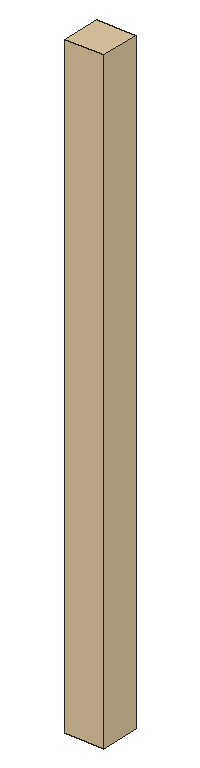
Revit family "M_Wood Timber Column", category 기둥, Revit 2026
Family settings
  로드될 때 보이드를 사용하여 절단 = 아니오
  자동으로 형상을 벽에 결합합니다 = 예
  공유 = 아니오
  평면도에서 미리 절단된 패밀리 표시 = 예
Parameters (values of type "191 x 191mm")
  Depth = 191.00 mm
  Material = Wood - Dimensional Lumber
  Width = 191.00 mm
Types (8, lengths in mm): name | Depth | Width
  (no name) | 191.00 | 191.00
  140 x 191mm | 191.00 | 140.00
  191 x 191mm | 191.00 | 191.00
  140 x 140mm | 140.00 | 140.00
  191 x 241mm | 241.00 | 191.00
  114 x 114mm | 114.00 | 114.00
  140 x 241mm | 241.00 | 140.00
  191 x 292mm | 292.00 | 191.00
Reference planes
  plane 1: y = 0
  plane 2: z = 0
  plane 3: x = 0
  plane 4: x = -95.5
  plane 5: x = 95.5
  plane 6: y = 95.5
  plane 7: y = -95.5
Forms (mm)
  Extrusion 1, solid, material "Wood - Dimensional Lumber" <- "Material"
    sketch origin (0, 0, 0) x (1, 0, 0) y (0, 1, 0)
      loop
        line (-95.5, -95.5) -> (95.5, -95.5) -> (95.5, 95.5) -> (-95.5, 95.5) -> (-95.5, -95.5)
    from 0 to 3000
Lines and regions (mm)
  symbolic lines
    curve 1: line (-95.5, 95.5, 0) -> (95.5, -95.5, 0)
    curve 2: line (95.5, 95.5, 0) -> (-95.5, -95.5, 0)
Dimensions and locks
  equal spacing: plane 4, plane 3, plane 5
  equal spacing: plane 7, plane 1, plane 6
  "Width": plane 4 to plane 5
  "Depth": plane 7 to plane 6
  aligned and locked: plane 4 to Extrusion 1 sketch curve
  aligned and locked: plane 5 to Extrusion 1 sketch curve
  aligned and locked: Extrusion 1 sketch curve to plane 5
  aligned and locked: level to Extrusion 1
Automatic sketch dimensions
  Extrusion 1 sketch curve to plane 7 = 0.00 mm
  Extrusion 1 sketch curve to plane 6 = 0.00 mm
  curve 2 to plane 5 = 0.00 mm
  curve 1 to plane 5 = 0.00 mm
  curve 1 to plane 7 = 0.00 mm
  curve 2 to plane 6 = 0.00 mm
  curve 1 to plane 6 = 0.00 mm
  curve 2 to plane 4 = 0.00 mm
  curve 1 to plane 4 = 0.00 mm
  curve 2 to plane 7 = 0.00 mm
